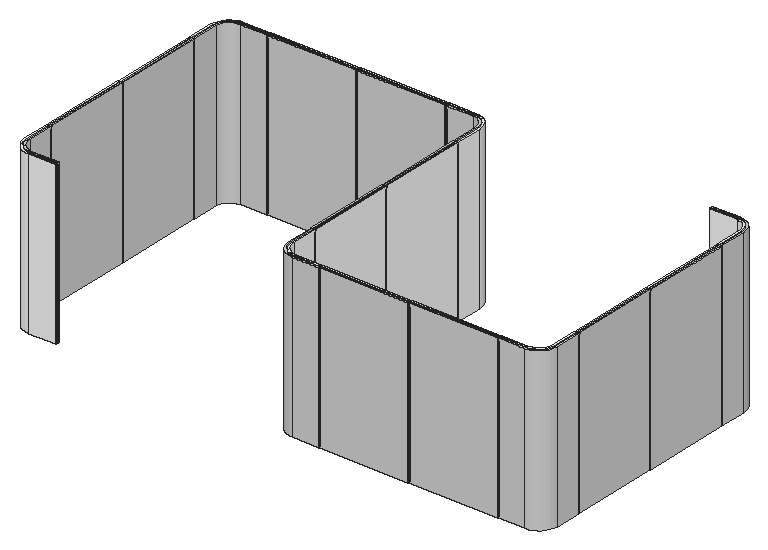
Revit family "NBS_Senator_MeetingPods_TeamSpacePlus_PDTSP18", category Furniture, Revit 2018
Family settings
  Work Plane-Based = No
  Always vertical = Yes
  Cut with Voids When Loaded = No
  Shared = No
  Room Calculation Point = No
Parameters (values of type "PDTSP18")
  WarrantyStartDate [instance] = "1900-12-31T23:59:59"
  WarrantyGuarantorParts = "contactus@thesenatorgroup.com"
  WarrantyGuarantorLabor = "n/a"
  WarrantyDurationUnit = "year"
  WarrantyDurationParts = "10"
  WarrantyDurationLabor = "n/a"
  WarrantyDescription = "Senator warrants that its manufactured products are free from manufacturing defects - in materials or workmanship - for a period of ten (10) years on Senator Seating ranges; and fifteen (15) years on Senator Desking ranges - exceptions are listed below. Senator will repair or replace (at Senator’s sole discretion) with comparable free of charge materials / components, any product / component, which fails under normal use in a single shift environment, as a result of a defect in the materials and / or workmanship"
  Version = "1"  # constant formula
  Uniclass2015Version = "Products v1.16"
  Uniclass2015Title = "Pr_40_50_12_53"
  Uniclass2015Code = "Meeting pods"
  TagNumber [instance] = "n/a"
  SustainabilityPerformance = "99% recyclable"
  Style = "Pods"
  Status = "UNSET"
  Size = "3000 x 1800 x 5950 mm"
  Shape = "n/a"
  SerialNumber [instance] = "n/a"
  SeatWidth = "n/a"
  SeatDepth = "n/a"
  Revision = "n/a"
  ReplacementCost = "n/a"
  Reference = "n/a"
  ProductInformation = "n/a"
  PodWidth = 5950 mm  # constant formula
  PodHeight = 1800 mm  # constant formula
  PodDepth = 3000 mm  # constant formula
  PanelWidth = 50 mm  # constant formula
  WallPanelBMaterial = NBS_Senator_White
  WallPanelAMaterial = NBS_Senator_StAndrews
  NominalWidth = 5950 mm
  NominalLength = 5950 mm
  NominalHeight = 1800 mm
  NominalDepth = 3000 mm
  Name = "MeetingPods_TeamSpace_PDTSP18_Senator"
  NBSReference = "45-35-20/342"
  NBSDescription = "Meeting pods"
  NBSCertification = "www.nationalbimlibrary.com/cert/gjmvj5ft"
  ModelReference = "Pods-TeamSpacePlus_PDTSP18"
  ModelNumber = "PDTSP18"
  Material = "Fabric, metal, plastic"
  ManufacturerURL = "www.senator.co.uk"
  ManufacturerName = "The Senator Group"
  Manufacturer = "sales@senator.co.uk"  # constant formula
  MainColor = "n/a"
  IsBuiltIn = no
  InstallationDate [instance] = "1900-12-31T23:59:59"
  MiddlePanelMaterial = NBS_Senator_White
  IfcExportType = "USERDEFINED"  # constant formula
  IfcExportAs = "IfcFurnitureType"  # constant formula
  Grade = "n/a"
  FramesColour = "Black, white"
  FinishOptions = "Carini walnut, mocha, autumn, strata oak, maple, highland oak, beech, winter oak, hacienda white, white, light grey, denim, clay, lemon sorbet"
  Finish = "Outer vertical panels upholstered in camira, blazer fabric Two tone is standard"
  Features = "Internal frame with multi-layered acoustic foam, levelling adjusters, blazer fabric, outer vertical panels"
  FabricFinishOptions = "Plymouth, fairfield, latymer, lancaster, silcoates, silverdale, st andrews, trevelyan, ulster, wellington, wesley, manchester,"
  ExpectedLife = "10"
  DurationUnit = "year"
  Description = "Large meeting space optimises interior space"
  Constituents = "n/a"
  Color = "n/a"
  CodePerformance = "n/a"
  Category = "Pr_40_50_12_53: Meeting pods"
  BarCode [instance] = "n/a"
  BIMObjectName = "NBS_Senator_MeetingPods_TeamSpacePlus_PDTSP18"
  Author = "NBS"  # constant formula
  AssetType = "Fixed"
  AssetIdentifier [instance] = "n/a"
  Accessories = "Monitor arms, PU desk accessories, desk top accessories, CPU holders, electrical accessories, coat hanger, name plate, A2 dry wipe board with hanger, A3 dry wipe board with hanger"
  AccessibilityPerformance = "n/a"
Reference planes
  plane 1 "Center (Front/Back)": y = 0
  plane 2 "Bottom": z = 0
  plane 3 "Center (Left/Right)": x = 0
  plane 4 "Back": y = 1500
  plane 5 "Front": y = -1500
  plane 6 "Right": x = 2975
  plane 7 "Left": x = -2975
  plane 8: y = -1450
  plane 9: y = 1450
  plane 10: x = -2925
  plane 11: x = 2925
  plane 12: x = 25
  plane 13: x = -25
  plane 14: x = -2470.546
  plane 15: x = -2955
  plane 16: x = -2945
  plane 17 "Top": z = 1800
  plane 18: y = -1480
  plane 19: y = -1470
  plane 20: x = -5
  plane 21: x = 5
  plane 22: x = 2945
  plane 23: x = 2955
  plane 24: y = 1480
  plane 25: y = 1470
  plane 26: x = -2494.826
  plane 27: x = -2469.754
  plane 28: x = -2468.754
  plane 29: x = -1472.454
  plane 30: x = -1471.454
  plane 31: x = -475.154
  plane 32: x = -474.154
  plane 33: x = -449.082
  plane 34: y = 1023.665
  plane 35: y = 998.593
  plane 36: y = 997.593
  plane 37: y = 1.293
  plane 38: y = 0.293
  plane 39: y = -996.007
  plane 40: y = -997.007
  plane 41: y = -1022.08
  plane 42: y = 1022.872
  plane 43: y = 997.8
  plane 44: y = 996.8
  plane 45: y = 0.5
  plane 46: y = -0.5
  plane 47: y = -996.8
  plane 48: y = -997.8
  plane 49: y = -1022.872
  plane 50: x = 449.082
  plane 51: x = 474.154
  plane 52: x = 475.154
  plane 53: x = 1471.454
  plane 54: x = 1472.454
  plane 55: x = 2468.754
  plane 56: x = 2469.754
  plane 57: x = 2494.826
  plane 58: y = -1023.665
  plane 59: y = -998.593
  plane 60: y = -997.593
  plane 61: y = -1.293
  plane 62: y = -0.293
  plane 63: y = 996.007
  plane 64: y = 997.007
  plane 65: y = 1022.08
  plane 66: x = 2470.546
Forms (mm)
  Extrusion 1, solid, material "NBS_Senator_White" <- "MiddlePanelMaterial", detail levels medium+fine
    sketch origin (0, 0, 0) x (1, 0, 0) y (0, 1, 0)
      loop
        line (-2955, -1022.08) -> (-2945, -1022.08) -> (-2945, 1023.665) -> (-2955, 1023.665) -> (-2955, -1022.08)
      loop
        line (-2494.826, 1480) -> (-2494.826, 1470) -> (-449.082, 1470) -> (-449.082, 1480) -> (-2494.826, 1480)
      loop
        line (-5, 1022.872) -> (-5, -1022.872) -> (5, -1022.872) -> (5, 1022.872) -> (-5, 1022.872)
      loop
        line (449.082, -1470) -> (449.082, -1480) -> (2494.826, -1480) -> (2494.826, -1470) -> (449.082, -1470)
      loop
        line (2955, -1023.665) -> (2955, 1022.08) -> (2945, 1022.08) -> (2945, -1023.665) -> (2955, -1023.665)
    from 0 to 1800
  Extrusion 2, solid, material "NBS_Senator_White" <- "WallPanelBMaterial", detail levels medium+fine
    sketch origin (0, 0, 0) x (1, 0, 0) y (0, 1, 0)
      loop
        line (-2475.546, -1480) -> (-2775, -1480)
        arc (-2775, -1480) -> (-2902.279, -1427.279) -> (-2955, -1300) r 180
        line (-2955, -1300) -> (-2955, -1002.007)
        arc (-2955, -1002.007) -> (-2956.464, -998.471) -> (-2960, -997.007) r 5
        line (-2960, -997.007) -> (-2970, -997.007)
        arc (-2970, -997.007) -> (-2973.536, -998.471) -> (-2975, -1002.007) r 5
        line (-2975, -1002.007) -> (-2975, -1298)
        arc (-2975, -1298) -> (-2915.836, -1440.836) -> (-2773, -1500) r 202
        line (-2773, -1500) -> (-2475.546, -1500)
        arc (-2475.546, -1500) -> (-2472.011, -1498.536) -> (-2470.546, -1495) r 5
        line (-2470.546, -1495) -> (-2470.546, -1485)
        arc (-2470.546, -1485) -> (-2472.011, -1481.464) -> (-2475.546, -1480) r 5
      loop
        arc (-2970, 0.293) -> (-2973.536, -1.172) -> (-2975, -4.707) r 5
        line (-2975, -4.707) -> (-2975, -991.007)
        arc (-2975, -991.007) -> (-2973.536, -994.542) -> (-2970, -996.007) r 5
        line (-2970, -996.007) -> (-2960, -996.007)
        arc (-2960, -996.007) -> (-2956.464, -994.542) -> (-2955, -991.007) r 5
        line (-2955, -991.007) -> (-2955, -4.707)
        arc (-2955, -4.707) -> (-2956.464, -1.172) -> (-2960, 0.293) r 5
        line (-2960, 0.293) -> (-2970, 0.293)
      loop
        line (-2970, 1.293) -> (-2960, 1.293)
        arc (-2960, 1.293) -> (-2956.464, 2.757) -> (-2955, 6.293) r 5
        line (-2955, 6.293) -> (-2955, 992.593)
        arc (-2955, 992.593) -> (-2956.464, 996.128) -> (-2960, 997.593) r 5
        line (-2960, 997.593) -> (-2970, 997.593)
        arc (-2970, 997.593) -> (-2973.536, 996.128) -> (-2975, 992.593) r 5
        line (-2975, 992.593) -> (-2975, 6.293)
        arc (-2975, 6.293) -> (-2973.536, 2.757) -> (-2970, 1.293) r 5
      loop
        line (-2970, 998.593) -> (-2960, 998.593)
        arc (-2960, 998.593) -> (-2956.464, 1000.057) -> (-2955, 1003.593) r 5
        line (-2955, 1003.593) -> (-2955, 1300)
        arc (-2955, 1300) -> (-2902.279, 1427.279) -> (-2775, 1480) r 180
        line (-2775, 1480) -> (-2474.754, 1480)
        arc (-2474.754, 1480) -> (-2471.218, 1481.464) -> (-2469.754, 1485) r 5
        line (-2469.754, 1485) -> (-2469.754, 1495)
        arc (-2469.754, 1495) -> (-2471.218, 1498.536) -> (-2474.754, 1500) r 5
        line (-2474.754, 1500) -> (-2773, 1500)
        arc (-2773, 1500) -> (-2915.836, 1440.836) -> (-2975, 1298) r 202
        line (-2975, 1298) -> (-2975, 1003.593)
        arc (-2975, 1003.593) -> (-2973.536, 1000.057) -> (-2970, 998.593) r 5
      loop
        arc (-2463.754, 1500) -> (-2467.289, 1498.536) -> (-2468.754, 1495) r 5
        line (-2468.754, 1495) -> (-2468.754, 1485)
        arc (-2468.754, 1485) -> (-2467.289, 1481.464) -> (-2463.754, 1480) r 5
        line (-2463.754, 1480) -> (-1477.454, 1480)
        arc (-1477.454, 1480) -> (-1473.918, 1481.464) -> (-1472.454, 1485) r 5
        line (-1472.454, 1485) -> (-1472.454, 1495)
        arc (-1472.454, 1495) -> (-1473.918, 1498.536) -> (-1477.454, 1500) r 5
        line (-1477.454, 1500) -> (-2463.754, 1500)
      loop
        arc (-1466.454, 1500) -> (-1469.989, 1498.536) -> (-1471.454, 1495) r 5
        line (-1471.454, 1495) -> (-1471.454, 1485)
        arc (-1471.454, 1485) -> (-1469.989, 1481.464) -> (-1466.454, 1480) r 5
        line (-1466.454, 1480) -> (-480.154, 1480)
        arc (-480.154, 1480) -> (-476.619, 1481.464) -> (-475.154, 1485) r 5
        line (-475.154, 1485) -> (-475.154, 1495)
        arc (-475.154, 1495) -> (-476.619, 1498.536) -> (-480.154, 1500) r 5
        line (-480.154, 1500) -> (-1466.454, 1500)
      loop
        arc (-469.154, 1500) -> (-472.69, 1498.536) -> (-474.154, 1495) r 5
        line (-474.154, 1495) -> (-474.154, 1485)
        arc (-474.154, 1485) -> (-472.69, 1481.464) -> (-469.154, 1480) r 5
        line (-469.154, 1480) -> (-175, 1480)
        arc (-175, 1480) -> (-47.721, 1427.279) -> (5, 1300) r 180
        line (5, 1300) -> (5, 1002.8)
        arc (5, 1002.8) -> (6.464, 999.264) -> (10, 997.8) r 5
        line (10, 997.8) -> (20, 997.8)
        arc (20, 997.8) -> (23.536, 999.264) -> (25, 1002.8) r 5
        line (25, 1002.8) -> (25, 1298)
        arc (25, 1298) -> (-34.164, 1440.836) -> (-177, 1500) r 202
        line (-177, 1500) -> (-469.154, 1500)
      loop
        arc (10, 996.8) -> (6.464, 995.335) -> (5, 991.8) r 5
        line (5, 991.8) -> (5, 5.5)
        arc (5, 5.5) -> (6.464, 1.964) -> (10, 0.5) r 5
        line (10, 0.5) -> (20, 0.5)
        arc (20, 0.5) -> (23.536, 1.964) -> (25, 5.5) r 5
        line (25, 5.5) -> (25, 991.8)
        arc (25, 991.8) -> (23.536, 995.335) -> (20, 996.8) r 5
        line (20, 996.8) -> (10, 996.8)
      loop
        arc (10, -0.5) -> (6.464, -1.964) -> (5, -5.5) r 5
        line (5, -5.5) -> (5, -991.8)
        arc (5, -991.8) -> (6.464, -995.335) -> (10, -996.8) r 5
        line (10, -996.8) -> (20, -996.8)
        arc (20, -996.8) -> (23.536, -995.335) -> (25, -991.8) r 5
        line (25, -991.8) -> (25, -5.5)
        arc (25, -5.5) -> (23.536, -1.964) -> (20, -0.5) r 5
        line (20, -0.5) -> (10, -0.5)
      loop
        arc (10, -997.8) -> (6.464, -999.264) -> (5, -1002.8) r 5
        line (5, -1002.8) -> (5, -1305)
        arc (5, -1305) -> (53.327, -1421.673) -> (170, -1470) r 165
        line (170, -1470) -> (469.154, -1470)
        arc (469.154, -1470) -> (472.69, -1468.536) -> (474.154, -1465) r 5
        line (474.154, -1465) -> (474.154, -1455)
        arc (474.154, -1455) -> (472.69, -1451.464) -> (469.154, -1450) r 5
        line (469.154, -1450) -> (175, -1450)
        arc (175, -1450) -> (68.934, -1406.066) -> (25, -1300) r 150
        line (25, -1300) -> (25, -1002.8)
        arc (25, -1002.8) -> (23.536, -999.264) -> (20, -997.8) r 5
        line (20, -997.8) -> (10, -997.8)
      loop
        arc (480.154, -1450) -> (476.619, -1451.464) -> (475.154, -1455) r 5
        line (475.154, -1455) -> (475.154, -1465)
        arc (475.154, -1465) -> (476.619, -1468.536) -> (480.154, -1470) r 5
        line (480.154, -1470) -> (1466.454, -1470)
        arc (1466.454, -1470) -> (1469.99, -1468.536) -> (1471.454, -1465) r 5
        line (1471.454, -1465) -> (1471.454, -1455)
        arc (1471.454, -1455) -> (1469.99, -1451.464) -> (1466.454, -1450) r 5
        line (1466.454, -1450) -> (480.154, -1450)
      loop
        arc (1477.454, -1450) -> (1473.919, -1451.464) -> (1472.454, -1455) r 5
        line (1472.454, -1455) -> (1472.454, -1465)
        arc (1472.454, -1465) -> (1473.919, -1468.536) -> (1477.454, -1470) r 5
        line (1477.454, -1470) -> (2463.754, -1470)
        arc (2463.754, -1470) -> (2467.289, -1468.536) -> (2468.754, -1465) r 5
        line (2468.754, -1465) -> (2468.754, -1455)
        arc (2468.754, -1455) -> (2467.289, -1451.464) -> (2463.754, -1450) r 5
        line (2463.754, -1450) -> (1477.454, -1450)
      loop
        arc (2474.754, -1450) -> (2471.218, -1451.464) -> (2469.754, -1455) r 5
        line (2469.754, -1455) -> (2469.754, -1465)
        arc (2469.754, -1465) -> (2471.218, -1468.536) -> (2474.754, -1470) r 5
        line (2474.754, -1470) -> (2780, -1470)
        arc (2780, -1470) -> (2896.673, -1421.673) -> (2945, -1305) r 165
        line (2945, -1305) -> (2945, -1003.593)
        arc (2945, -1003.593) -> (2943.536, -1000.057) -> (2940, -998.593) r 5
        line (2940, -998.593) -> (2930, -998.593)
        arc (2930, -998.593) -> (2926.464, -1000.057) -> (2925, -1003.593) r 5
        line (2925, -1003.593) -> (2925, -1300)
        arc (2925, -1300) -> (2881.066, -1406.066) -> (2775, -1450) r 150
        line (2775, -1450) -> (2474.754, -1450)
      loop
        arc (2930, -1.293) -> (2926.464, -2.757) -> (2925, -6.293) r 5
        line (2925, -6.293) -> (2925, -992.593)
        arc (2925, -992.593) -> (2926.464, -996.128) -> (2930, -997.593) r 5
        line (2930, -997.593) -> (2940, -997.593)
        arc (2940, -997.593) -> (2943.536, -996.128) -> (2945, -992.593) r 5
        line (2945, -992.593) -> (2945, -6.293)
        arc (2945, -6.293) -> (2943.536, -2.757) -> (2940, -1.293) r 5
        line (2940, -1.293) -> (2930, -1.293)
      loop
        arc (2930, 996.007) -> (2926.464, 994.542) -> (2925, 991.007) r 5
        line (2925, 991.007) -> (2925, 4.707)
        arc (2925, 4.707) -> (2926.464, 1.172) -> (2930, -0.293) r 5
        line (2930, -0.293) -> (2940, -0.293)
        arc (2940, -0.293) -> (2943.536, 1.172) -> (2945, 4.707) r 5
        line (2945, 4.707) -> (2945, 991.007)
        arc (2945, 991.007) -> (2943.536, 994.542) -> (2940, 996.007) r 5
        line (2940, 996.007) -> (2930, 996.007)
      loop
        arc (2475.546, 1470) -> (2472.011, 1468.536) -> (2470.546, 1465) r 5
        line (2470.546, 1465) -> (2470.546, 1455)
        arc (2470.546, 1455) -> (2472.011, 1451.464) -> (2475.546, 1450) r 5
        line (2475.546, 1450) -> (2775, 1450)
        arc (2775, 1450) -> (2881.066, 1406.066) -> (2925, 1300) r 150
        line (2925, 1300) -> (2925, 1002.007)
        arc (2925, 1002.007) -> (2926.464, 998.471) -> (2930, 997.007) r 5
        line (2930, 997.007) -> (2940, 997.007)
        arc (2940, 997.007) -> (2943.536, 998.471) -> (2945, 1002.007) r 5
        line (2945, 1002.007) -> (2945, 1305)
        arc (2945, 1305) -> (2896.673, 1421.673) -> (2780, 1470) r 165
        line (2780, 1470) -> (2475.546, 1470)
    from 0 to 1800
  Extrusion 3, solid, material "NBS_Senator_StAndrews" <- "WallPanelAMaterial", detail levels medium+fine
    sketch origin (0, 0, 0) x (1, 0, 0) y (0, 1, 0)
      loop
        arc (-2475.546, -1470) -> (-2472.011, -1468.536) -> (-2470.546, -1465) r 5
        line (-2470.546, -1465) -> (-2470.546, -1455)
        arc (-2470.546, -1455) -> (-2472.011, -1451.464) -> (-2475.546, -1450) r 5
        line (-2475.546, -1450) -> (-2775, -1450)
        arc (-2775, -1450) -> (-2881.066, -1406.066) -> (-2925, -1300) r 150
        line (-2925, -1300) -> (-2925, -1002.007)
        arc (-2925, -1002.007) -> (-2926.464, -998.471) -> (-2930, -997.007) r 5
        line (-2930, -997.007) -> (-2940, -997.007)
        arc (-2940, -997.007) -> (-2943.536, -998.471) -> (-2945, -1002.007) r 5
        line (-2945, -1002.007) -> (-2945, -1305)
        arc (-2945, -1305) -> (-2896.673, -1421.673) -> (-2780, -1470) r 165
        line (-2780, -1470) -> (-2475.546, -1470)
      loop
        arc (-2930, -996.007) -> (-2926.464, -994.542) -> (-2925, -991.007) r 5
        line (-2925, -991.007) -> (-2925, -4.707)
        arc (-2925, -4.707) -> (-2926.464, -1.172) -> (-2930, 0.293) r 5
        line (-2930, 0.293) -> (-2940, 0.293)
        arc (-2940, 0.293) -> (-2943.536, -1.172) -> (-2945, -4.707) r 5
        line (-2945, -4.707) -> (-2945, -991.007)
        arc (-2945, -991.007) -> (-2943.536, -994.542) -> (-2940, -996.007) r 5
        line (-2940, -996.007) -> (-2930, -996.007)
      loop
        arc (-2930, 1.293) -> (-2926.464, 2.757) -> (-2925, 6.293) r 5
        line (-2925, 6.293) -> (-2925, 992.593)
        arc (-2925, 992.593) -> (-2926.464, 996.128) -> (-2930, 997.593) r 5
        line (-2930, 997.593) -> (-2940, 997.593)
        arc (-2940, 997.593) -> (-2943.536, 996.128) -> (-2945, 992.593) r 5
        line (-2945, 992.593) -> (-2945, 6.293)
        arc (-2945, 6.293) -> (-2943.536, 2.757) -> (-2940, 1.293) r 5
        line (-2940, 1.293) -> (-2930, 1.293)
      loop
        line (-2940, 998.593) -> (-2930, 998.593)
        arc (-2930, 998.593) -> (-2926.464, 1000.057) -> (-2925, 1003.593) r 5
        line (-2925, 1003.593) -> (-2925, 1300)
        arc (-2925, 1300) -> (-2881.066, 1406.066) -> (-2775, 1450) r 150
        line (-2775, 1450) -> (-2474.754, 1450)
        arc (-2474.754, 1450) -> (-2471.218, 1451.464) -> (-2469.754, 1455) r 5
        line (-2469.754, 1455) -> (-2469.754, 1465)
        arc (-2469.754, 1465) -> (-2471.218, 1468.536) -> (-2474.754, 1470) r 5
        line (-2474.754, 1470) -> (-2780, 1470)
        arc (-2780, 1470) -> (-2896.673, 1421.673) -> (-2945, 1305) r 165
        line (-2945, 1305) -> (-2945, 1003.593)
        arc (-2945, 1003.593) -> (-2943.536, 1000.057) -> (-2940, 998.593) r 5
      loop
        arc (-2463.754, 1470) -> (-2467.289, 1468.536) -> (-2468.754, 1465) r 5
        line (-2468.754, 1465) -> (-2468.754, 1455)
        arc (-2468.754, 1455) -> (-2467.289, 1451.464) -> (-2463.754, 1450) r 5
        line (-2463.754, 1450) -> (-1477.454, 1450)
        arc (-1477.454, 1450) -> (-1473.918, 1451.464) -> (-1472.454, 1455) r 5
        line (-1472.454, 1455) -> (-1472.454, 1465)
        arc (-1472.454, 1465) -> (-1473.918, 1468.536) -> (-1477.454, 1470) r 5
        line (-1477.454, 1470) -> (-2463.754, 1470)
      loop
        arc (-1466.454, 1470) -> (-1469.989, 1468.536) -> (-1471.454, 1465) r 5
        line (-1471.454, 1465) -> (-1471.454, 1455)
        arc (-1471.454, 1455) -> (-1469.989, 1451.464) -> (-1466.454, 1450) r 5
        line (-1466.454, 1450) -> (-480.154, 1450)
        arc (-480.154, 1450) -> (-476.619, 1451.464) -> (-475.154, 1455) r 5
        line (-475.154, 1455) -> (-475.154, 1465)
        arc (-475.154, 1465) -> (-476.619, 1468.536) -> (-480.154, 1470) r 5
        line (-480.154, 1470) -> (-1466.454, 1470)
      loop
        arc (-469.154, 1470) -> (-472.69, 1468.536) -> (-474.154, 1465) r 5
        line (-474.154, 1465) -> (-474.154, 1455)
        arc (-474.154, 1455) -> (-472.69, 1451.464) -> (-469.154, 1450) r 5
        line (-469.154, 1450) -> (-175, 1450)
        arc (-175, 1450) -> (-68.934, 1406.066) -> (-25, 1300) r 150
        line (-25, 1300) -> (-25, 1002.8)
        arc (-25, 1002.8) -> (-23.536, 999.264) -> (-20, 997.8) r 5
        line (-20, 997.8) -> (-10, 997.8)
        arc (-10, 997.8) -> (-6.464, 999.264) -> (-5, 1002.8) r 5
        line (-5, 1002.8) -> (-5, 1305)
        arc (-5, 1305) -> (-53.327, 1421.673) -> (-170, 1470) r 165
        line (-170, 1470) -> (-469.154, 1470)
      loop
        arc (-20, 996.8) -> (-23.536, 995.335) -> (-25, 991.8) r 5
        line (-25, 991.8) -> (-25, 5.5)
        arc (-25, 5.5) -> (-23.536, 1.964) -> (-20, 0.5) r 5
        line (-20, 0.5) -> (-10, 0.5)
        arc (-10, 0.5) -> (-6.464, 1.964) -> (-5, 5.5) r 5
        line (-5, 5.5) -> (-5, 991.8)
        arc (-5, 991.8) -> (-6.464, 995.335) -> (-10, 996.8) r 5
        line (-10, 996.8) -> (-20, 996.8)
      loop
        arc (-20, -0.5) -> (-23.536, -1.964) -> (-25, -5.5) r 5
        line (-25, -5.5) -> (-25, -991.8)
        arc (-25, -991.8) -> (-23.536, -995.335) -> (-20, -996.8) r 5
        line (-20, -996.8) -> (-10, -996.8)
        arc (-10, -996.8) -> (-6.464, -995.335) -> (-5, -991.8) r 5
        line (-5, -991.8) -> (-5, -5.5)
        arc (-5, -5.5) -> (-6.464, -1.964) -> (-10, -0.5) r 5
        line (-10, -0.5) -> (-20, -0.5)
      loop
        arc (-20, -997.8) -> (-23.536, -999.264) -> (-25, -1002.8) r 5
        line (-25, -1002.8) -> (-25, -1298)
        arc (-25, -1298) -> (34.164, -1440.836) -> (177, -1500) r 202
        line (177, -1500) -> (469.154, -1500)
        arc (469.154, -1500) -> (472.69, -1498.536) -> (474.154, -1495) r 5
        line (474.154, -1495) -> (474.154, -1485)
        arc (474.154, -1485) -> (472.69, -1481.464) -> (469.154, -1480) r 5
        line (469.154, -1480) -> (175, -1480)
        arc (175, -1480) -> (47.721, -1427.279) -> (-5, -1300) r 180
        line (-5, -1300) -> (-5, -1002.8)
        arc (-5, -1002.8) -> (-6.464, -999.264) -> (-10, -997.8) r 5
        line (-10, -997.8) -> (-20, -997.8)
      loop
        arc (480.154, -1480) -> (476.619, -1481.464) -> (475.154, -1485) r 5
        line (475.154, -1485) -> (475.154, -1495)
        arc (475.154, -1495) -> (476.619, -1498.536) -> (480.154, -1500) r 5
        line (480.154, -1500) -> (1466.454, -1500)
        arc (1466.454, -1500) -> (1469.99, -1498.536) -> (1471.454, -1495) r 5
        line (1471.454, -1495) -> (1471.454, -1485)
        arc (1471.454, -1485) -> (1469.99, -1481.464) -> (1466.454, -1480) r 5
        line (1466.454, -1480) -> (480.154, -1480)
      loop
        arc (1477.454, -1480) -> (1473.919, -1481.464) -> (1472.454, -1485) r 5
        line (1472.454, -1485) -> (1472.454, -1495)
        arc (1472.454, -1495) -> (1473.919, -1498.536) -> (1477.454, -1500) r 5
        line (1477.454, -1500) -> (2463.754, -1500)
        arc (2463.754, -1500) -> (2467.289, -1498.536) -> (2468.754, -1495) r 5
        line (2468.754, -1495) -> (2468.754, -1485)
        arc (2468.754, -1485) -> (2467.289, -1481.464) -> (2463.754, -1480) r 5
        line (2463.754, -1480) -> (1477.454, -1480)
      loop
        arc (2474.754, -1480) -> (2471.218, -1481.464) -> (2469.754, -1485) r 5
        line (2469.754, -1485) -> (2469.754, -1495)
        arc (2469.754, -1495) -> (2471.218, -1498.536) -> (2474.754, -1500) r 5
        line (2474.754, -1500) -> (2773, -1500)
        arc (2773, -1500) -> (2915.836, -1440.836) -> (2975, -1298) r 202
        line (2975, -1298) -> (2975, -1003.593)
        arc (2975, -1003.593) -> (2973.536, -1000.057) -> (2970, -998.593) r 5
        line (2970, -998.593) -> (2960, -998.593)
        arc (2960, -998.593) -> (2956.464, -1000.057) -> (2955, -1003.593) r 5
        line (2955, -1003.593) -> (2955, -1300)
        arc (2955, -1300) -> (2902.279, -1427.279) -> (2775, -1480) r 180
        line (2775, -1480) -> (2474.754, -1480)
      loop
        arc (2960, -1.293) -> (2956.464, -2.757) -> (2955, -6.293) r 5
        line (2955, -6.293) -> (2955, -992.593)
        arc (2955, -992.593) -> (2956.464, -996.128) -> (2960, -997.593) r 5
        line (2960, -997.593) -> (2970, -997.593)
        arc (2970, -997.593) -> (2973.536, -996.128) -> (2975, -992.593) r 5
        line (2975, -992.593) -> (2975, -6.293)
        arc (2975, -6.293) -> (2973.536, -2.757) -> (2970, -1.293) r 5
        line (2970, -1.293) -> (2960, -1.293)
      loop
        arc (2960, 996.007) -> (2956.464, 994.542) -> (2955, 991.007) r 5
        line (2955, 991.007) -> (2955, 4.707)
        arc (2955, 4.707) -> (2956.464, 1.172) -> (2960, -0.293) r 5
        line (2960, -0.293) -> (2970, -0.293)
        arc (2970, -0.293) -> (2973.536, 1.172) -> (2975, 4.707) r 5
        line (2975, 4.707) -> (2975, 991.007)
        arc (2975, 991.007) -> (2973.536, 994.542) -> (2970, 996.007) r 5
        line (2970, 996.007) -> (2960, 996.007)
      loop
        line (2960, 997.007) -> (2970, 997.007)
        arc (2970, 997.007) -> (2973.536, 998.471) -> (2975, 1002.007) r 5
        line (2975, 1002.007) -> (2975, 1298)
        arc (2975, 1298) -> (2915.836, 1440.836) -> (2773, 1500) r 202
        line (2773, 1500) -> (2475.546, 1500)
        arc (2475.546, 1500) -> (2472.011, 1498.536) -> (2470.546, 1495) r 5
        line (2470.546, 1495) -> (2470.546, 1485)
        arc (2470.546, 1485) -> (2472.011, 1481.464) -> (2475.546, 1480) r 5
        line (2475.546, 1480) -> (2775, 1480)
        arc (2775, 1480) -> (2902.279, 1427.279) -> (2955, 1300) r 180
        line (2955, 1300) -> (2955, 1002.007)
        arc (2955, 1002.007) -> (2956.464, 998.471) -> (2960, 997.007) r 5
    from 0 to 1800
  Extrusion 4, solid, material "NBS_Senator_StAndrews" <- "WallPanelAMaterial", detail levels coarse
    sketch origin (0, 0, 0) x (1, 0, 0) y (0, 1, 0)
      loop
        line (-2470.546, -1450) -> (-2775, -1450)
        arc (-2775, -1450) -> (-2881.066, -1406.066) -> (-2925, -1300) r 150
        line (-2925, -1300) -> (-2925, 1300)
        arc (-2925, 1300) -> (-2881.066, 1406.066) -> (-2775, 1450) r 150
        line (-2775, 1450) -> (-175, 1450)
        arc (-175, 1450) -> (-68.934, 1406.066) -> (-25, 1300) r 150
        line (-25, 1300) -> (-25, -1298)
        arc (-25, -1298) -> (34.164, -1440.836) -> (177, -1500) r 202
        line (177, -1500) -> (2773, -1500)
        arc (2773, -1500) -> (2915.836, -1440.836) -> (2975, -1298) r 202
        line (2975, -1298) -> (2975, 1298)
        arc (2975, 1298) -> (2915.836, 1440.836) -> (2773, 1500) r 202
        line (2773, 1500) -> (2470.546, 1500) -> (2470.546, 1450) -> (2775, 1450)
        arc (2775, 1450) -> (2881.066, 1406.066) -> (2925, 1300) r 150
        line (2925, 1300) -> (2925, -1300)
        arc (2925, -1300) -> (2881.066, -1406.066) -> (2775, -1450) r 150
        line (2775, -1450) -> (175, -1450)
        arc (175, -1450) -> (68.934, -1406.066) -> (25, -1300) r 150
        line (25, -1300) -> (25, 1298)
        arc (25, 1298) -> (-34.164, 1440.836) -> (-177, 1500) r 202
        line (-177, 1500) -> (-2773, 1500)
        arc (-2773, 1500) -> (-2915.836, 1440.836) -> (-2975, 1298) r 202
        line (-2975, 1298) -> (-2975, -1298)
        arc (-2975, -1298) -> (-2915.836, -1440.836) -> (-2773, -1500) r 202
        line (-2773, -1500) -> (-2470.546, -1500) -> (-2470.546, -1450)
    from 0 to 1800
Dimensions and locks
  "PodDepth": plane 5 "Front" to plane 4 "Back"
  "PodWidth": plane 7 "Left" to plane 6 "Right"
  "PanelWidth": plane 7 "Left" to plane 10
  "PanelWidth": plane 13 to plane 12
  "PanelWidth": plane 11 to plane 6 "Right"
  "PanelWidth": plane 9 to plane 4 "Back"
  "PanelWidth": plane 5 "Front" to plane 8
  "PodHeight": plane 17 "Top" to plane 2 "Bottom"
  aligned and locked: level to plane 2 "Bottom"
  aligned and locked: Extrusion 1 sketch curve to plane 65
  aligned and locked: Extrusion 1 sketch curve to plane 23
  aligned and locked: plane 22 to Extrusion 1 sketch curve
  aligned and locked: plane 58 to Extrusion 1 sketch curve
  aligned and locked: plane 57 to Extrusion 1 sketch curve
  aligned and locked: plane 19 to Extrusion 1 sketch curve
  aligned and locked: Extrusion 1 sketch curve to plane 18
  aligned and locked: Extrusion 1 sketch curve to plane 50
  aligned and locked: plane 49 to Extrusion 1 sketch curve
  aligned and locked: Extrusion 1 sketch curve to plane 21
  aligned and locked: plane 20 to Extrusion 1 sketch curve
  aligned and locked: Extrusion 1 sketch curve to plane 42
  aligned and locked: Extrusion 1 sketch curve to plane 33
  aligned and locked: Extrusion 1 sketch curve to plane 25
  aligned and locked: plane 24 to Extrusion 1 sketch curve
  aligned and locked: Extrusion 1 sketch curve to plane 26
  aligned and locked: plane 34 to Extrusion 1 sketch curve
  aligned and locked: plane 16 to Extrusion 1 sketch curve
  aligned and locked: Extrusion 1 sketch curve to plane 15
  aligned and locked: Extrusion 1 sketch curve to plane 41
  aligned and locked: Extrusion 1 to plane 2 "Bottom"
  aligned and locked: plane 17 "Top" to Extrusion 1
  aligned and locked: plane 7 "Left" to Extrusion 2 sketch curve
  aligned and locked: Extrusion 2 sketch curve to plane 40
  aligned and locked: Extrusion 1 to Extrusion 2 sketch curve  (x2)
  aligned and locked: plane 5 "Front" to Extrusion 2 sketch curve
  aligned and locked: Extrusion 2 sketch curve to plane 18
  aligned and locked: Extrusion 2 sketch curve to plane 14
  aligned and locked: Extrusion 2 to plane 2 "Bottom"
  aligned and locked: plane 17 "Top" to Extrusion 2
  aligned and locked: Extrusion 2 sketch curve to plane 38
  aligned and locked: plane 39 to Extrusion 2 sketch curve
  aligned and locked: plane 36 to Extrusion 2 sketch curve
  aligned and locked: Extrusion 2 sketch curve to plane 7 "Left"  (x2)
  aligned and locked: Extrusion 2 sketch curve to Extrusion 1
  aligned and locked: Extrusion 2 sketch curve to plane 37
  aligned and locked: Extrusion 2 sketch curve to plane 35
  aligned and locked: plane 15 to Extrusion 2 sketch curve
  aligned and locked: Extrusion 2 sketch curve to plane 4 "Back"
  aligned and locked: plane 24 to Extrusion 2 sketch curve
  aligned and locked: Extrusion 2 sketch curve to plane 27
  aligned and locked: plane 4 "Back" to Extrusion 2 sketch curve  (x3)
  aligned and locked: Extrusion 2 sketch curve to plane 28
  aligned and locked: Extrusion 2 sketch curve to plane 24  (x3)
  aligned and locked: plane 29 to Extrusion 2 sketch curve
  aligned and locked: Extrusion 2 sketch curve to plane 30
  aligned and locked: plane 31 to Extrusion 2 sketch curve
  aligned and locked: Extrusion 2 sketch curve to plane 32
  aligned and locked: Extrusion 2 sketch curve to plane 12  (x4)
  aligned and locked: plane 21 to Extrusion 2 sketch curve  (x4)
  aligned and locked: plane 43 to Extrusion 2 sketch curve
  aligned and locked: plane 45 to Extrusion 2 sketch curve
  aligned and locked: Extrusion 2 sketch curve to plane 44
  aligned and locked: Extrusion 2 sketch curve to plane 46
  aligned and locked: plane 47 to Extrusion 2 sketch curve
  aligned and locked: Extrusion 2 sketch curve to plane 48
  aligned and locked: plane 19 to Extrusion 2 sketch curve
  aligned and locked: Extrusion 2 sketch curve to plane 8
  aligned and locked: Extrusion 2 sketch curve to plane 51
  aligned and locked: plane 8 to Extrusion 2 sketch curve  (x3)
  aligned and locked: Extrusion 2 sketch curve to plane 52
  aligned and locked: Extrusion 2 sketch curve to plane 19  (x3)
  aligned and locked: plane 53 to Extrusion 2 sketch curve
  aligned and locked: Extrusion 2 sketch curve to plane 54
  aligned and locked: plane 55 to Extrusion 2 sketch curve
  aligned and locked: plane 59 to Extrusion 2 sketch curve
  aligned and locked: Extrusion 2 sketch curve to plane 11
  aligned and locked: plane 22 to Extrusion 2 sketch curve
  aligned and locked: Extrusion 2 sketch curve to plane 56
  aligned and locked: plane 60 to Extrusion 2 sketch curve
  aligned and locked: plane 11 to Extrusion 2 sketch curve  (x3)
  aligned and locked: Extrusion 2 sketch curve to plane 22  (x3)
  aligned and locked: Extrusion 2 sketch curve to plane 61
  aligned and locked: Extrusion 2 sketch curve to plane 63
  aligned and locked: plane 62 to Extrusion 2 sketch curve
  aligned and locked: Extrusion 2 sketch curve to plane 66
  aligned and locked: plane 25 to Extrusion 2 sketch curve
  aligned and locked: Extrusion 2 sketch curve to plane 9
  aligned and locked: plane 64 to Extrusion 2 sketch curve
  aligned and locked: plane 40 to Extrusion 3 sketch curve
  aligned and locked: plane 10 to Extrusion 3 sketch curve  (x2)
  aligned and locked: Extrusion 3 sketch curve to plane 16  (x2)
  aligned and locked: plane 8 to Extrusion 3 sketch curve
  aligned and locked: Extrusion 3 sketch curve to plane 19
  aligned and locked: plane 14 to Extrusion 3 sketch curve
  aligned and locked: Extrusion 3 sketch curve to plane 38
  aligned and locked: Extrusion 3 sketch curve to plane 10  (x2)
  aligned and locked: plane 16 to Extrusion 3 sketch curve  (x2)
  aligned and locked: plane 39 to Extrusion 3 sketch curve
  aligned and locked: Extrusion 3 to plane 2 "Bottom"
  aligned and locked: plane 17 "Top" to Extrusion 3
  aligned and locked: plane 37 to Extrusion 3 sketch curve
  aligned and locked: Extrusion 3 sketch curve to plane 36
  aligned and locked: Extrusion 3 sketch curve to plane 35
  aligned and locked: plane 25 to Extrusion 3 sketch curve  (x4)
  aligned and locked: Extrusion 3 sketch curve to plane 9  (x4)
  aligned and locked: plane 27 to Extrusion 3 sketch curve
  aligned and locked: Extrusion 3 sketch curve to plane 28
  aligned and locked: plane 29 to Extrusion 3 sketch curve
  aligned and locked: Extrusion 3 sketch curve to plane 30
  aligned and locked: plane 31 to Extrusion 3 sketch curve
  aligned and locked: Extrusion 3 sketch curve to plane 32
  aligned and locked: plane 13 to Extrusion 3 sketch curve  (x4)
  aligned and locked: Extrusion 3 sketch curve to plane 20  (x4)
  aligned and locked: plane 43 to Extrusion 3 sketch curve
  aligned and locked: plane 45 to Extrusion 3 sketch curve
  aligned and locked: Extrusion 3 sketch curve to plane 44
  aligned and locked: plane 47 to Extrusion 3 sketch curve
  aligned and locked: Extrusion 3 sketch curve to plane 46
  aligned and locked: plane 51 to Extrusion 3 sketch curve
  aligned and locked: Extrusion 3 sketch curve to plane 5 "Front"  (x4)
  aligned and locked: plane 18 to Extrusion 3 sketch curve  (x4)
  aligned and locked: Extrusion 3 sketch curve to plane 48
  aligned and locked: Extrusion 3 sketch curve to plane 52
  aligned and locked: plane 53 to Extrusion 3 sketch curve
  aligned and locked: Extrusion 3 sketch curve to plane 54
  aligned and locked: plane 55 to Extrusion 3 sketch curve
  aligned and locked: Extrusion 3 sketch curve to plane 56
  aligned and locked: plane 23 to Extrusion 3 sketch curve  (x3)
  aligned and locked: Extrusion 3 sketch curve to plane 6 "Right"  (x3)
  aligned and locked: Extrusion 3 sketch curve to plane 59
  aligned and locked: plane 60 to Extrusion 3 sketch curve
  aligned and locked: Extrusion 3 sketch curve to plane 61
  aligned and locked: Extrusion 3 sketch curve to plane 63
  aligned and locked: plane 62 to Extrusion 3 sketch curve
  aligned and locked: Extrusion 3 sketch curve to plane 64
  aligned and locked: plane 6 "Right" to Extrusion 3 sketch curve
  aligned and locked: Extrusion 3 sketch curve to plane 23
  aligned and locked: Extrusion 3 sketch curve to plane 66
  aligned and locked: plane 4 "Back" to Extrusion 3 sketch curve
  aligned and locked: Extrusion 3 sketch curve to plane 24
  aligned and locked: plane 4 "Back" to Extrusion 4 sketch curve  (x2)
  aligned and locked: Extrusion 4 sketch curve to plane 66
  aligned and locked: Extrusion 4 sketch curve to plane 9  (x2)
  aligned and locked: plane 11 to Extrusion 4 sketch curve
  aligned and locked: Extrusion 4 sketch curve to plane 6 "Right"
  aligned and locked: plane 8 to Extrusion 4 sketch curve  (x2)
  aligned and locked: Extrusion 4 sketch curve to plane 5 "Front"  (x2)
  aligned and locked: plane 13 to Extrusion 4 sketch curve
  aligned and locked: Extrusion 4 sketch curve to plane 12
  aligned and locked: Extrusion 4 sketch curve to plane 10
  aligned and locked: plane 7 "Left" to Extrusion 4 sketch curve
  aligned and locked: plane 14 to Extrusion 4 sketch curve
  aligned and locked: Extrusion 4 to plane 2 "Bottom"
  aligned and locked: plane 17 "Top" to Extrusion 4
Automatic sketch dimensions
  Extrusion 2 sketch curve to plane 7 "Left" = 0 mm
  Extrusion 2 sketch curve to plane 11 = 0 mm
  Extrusion 2 sketch curve to plane 61 = 3.414 mm  (x2)
  Extrusion 2 sketch curve to Extrusion 2 sketch curve = 5 mm  (x5)
  plane 7 "Left" to Extrusion 2 sketch curve = 5 mm
  Extrusion 2 sketch curve to plane 59 = 3.414 mm  (x2)
  Extrusion 2 sketch curve to Extrusion 2 sketch curve = 0 mm  (x6)
  Extrusion 2 sketch curve to plane 15 = 5 mm  (x4)
  Extrusion 2 sketch curve to plane 8 = 150 mm  (x2)
  plane 9 to Extrusion 2 sketch curve = 150 mm
  Extrusion 2 sketch curve to Extrusion 2 sketch curve = 2 mm  (x3)
  plane 14 to Extrusion 2 sketch curve = 5 mm  (x2)
  plane 14 to Extrusion 2 sketch curve = 4.207 mm  (x2)
  Extrusion 2 sketch curve to plane 28 = 5 mm  (x2)
  Extrusion 2 sketch curve to plane 24 = 5 mm  (x2)
  plane 4 "Back" to Extrusion 2 sketch curve = 5 mm  (x2)
  Extrusion 2 sketch curve to plane 30 = 5 mm  (x2)
  Extrusion 2 sketch curve to plane 32 = 5 mm  (x2)
  plane 9 to Extrusion 2 sketch curve = 152 mm
  plane 21 to Extrusion 2 sketch curve = 5 mm  (x2)
  Extrusion 2 sketch curve to plane 61 = 4.207 mm
  plane 35 to Extrusion 2 sketch curve = 4.207 mm
  plane 39 to Extrusion 2 sketch curve = 4.207 mm
  Extrusion 2 sketch curve to plane 59 = 4.207 mm  (x2)
  Extrusion 2 sketch curve to plane 12 = 5 mm
  Extrusion 2 sketch curve to plane 63 = 4.207 mm
  plane 37 to Extrusion 2 sketch curve = 4.207 mm
  Extrusion 2 sketch curve to plane 8 = 145 mm
  plane 8 to Extrusion 2 sketch curve = 5 mm  (x4)
  Extrusion 2 sketch curve to plane 19 = 5 mm  (x4)
  Extrusion 2 sketch curve to plane 54 = 5 mm  (x2)
  Extrusion 2 sketch curve to plane 66 = 4.208 mm  (x2)
  Extrusion 2 sketch curve to plane 9 = 5 mm
  plane 25 to Extrusion 2 sketch curve = 5 mm
  Extrusion 2 sketch curve to plane 11 = 150 mm
  plane 35 to Extrusion 2 sketch curve = 3.414 mm  (x2)
  plane 11 to Extrusion 2 sketch curve = 5 mm  (x2)
  plane 37 to Extrusion 2 sketch curve = 3.414 mm  (x2)
  plane 39 to Extrusion 2 sketch curve = 3.414 mm
  Extrusion 2 sketch curve to plane 22 = 5 mm  (x2)
  plane 16 to Extrusion 3 sketch curve = 5 mm  (x3)
  Extrusion 3 sketch curve to Extrusion 3 sketch curve = 0 mm  (x6)
  Extrusion 3 sketch curve to plane 61 = 3.414 mm
  Extrusion 3 sketch curve to plane 10 = 5 mm  (x4)
  Extrusion 3 sketch curve to plane 59 = 3.414 mm
  Extrusion 3 sketch curve to plane 63 = 3.414 mm
  plane 9 to Extrusion 3 sketch curve = 145 mm
  plane 10 to Extrusion 3 sketch curve = 145 mm
  Extrusion 3 sketch curve to Extrusion 3 sketch curve = 5 mm  (x6)
  plane 14 to Extrusion 3 sketch curve = 5 mm  (x2)
  plane 14 to Extrusion 3 sketch curve = 4.207 mm  (x2)
  Extrusion 3 sketch curve to plane 28 = 5 mm  (x2)
  Extrusion 3 sketch curve to plane 9 = 5 mm  (x2)
  plane 25 to Extrusion 3 sketch curve = 5 mm  (x2)
  Extrusion 3 sketch curve to plane 30 = 5 mm  (x2)
  Extrusion 3 sketch curve to plane 32 = 5 mm  (x2)
  Extrusion 3 sketch curve to plane 13 = 150 mm
  plane 13 to Extrusion 3 sketch curve = 5 mm  (x3)
  Extrusion 3 sketch curve to plane 61 = 4.207 mm
  plane 35 to Extrusion 3 sketch curve = 4.207 mm  (x2)
  plane 39 to Extrusion 3 sketch curve = 4.207 mm
  Extrusion 3 sketch curve to plane 20 = 5 mm
  Extrusion 3 sketch curve to plane 59 = 4.207 mm
  plane 37 to Extrusion 3 sketch curve = 4.207 mm
  Extrusion 3 sketch curve to plane 63 = 4.207 mm
  plane 12 to Extrusion 3 sketch curve = 150 mm
  Extrusion 3 sketch curve to Extrusion 3 sketch curve = 2 mm  (x3)
  plane 51 to Extrusion 3 sketch curve = 5 mm  (x2)
  Extrusion 3 sketch curve to plane 5 "Front" = 5 mm  (x3)
  plane 18 to Extrusion 3 sketch curve = 5 mm  (x3)
  Extrusion 3 sketch curve to plane 54 = 5 mm  (x2)
  Extrusion 3 sketch curve to plane 66 = 4.208 mm  (x2)
  Extrusion 3 sketch curve to plane 66 = 5 mm
  Extrusion 3 sketch curve to plane 24 = 5 mm
  Extrusion 3 sketch curve to plane 8 = 152 mm
  plane 9 to Extrusion 3 sketch curve = 152 mm
  plane 35 to Extrusion 3 sketch curve = 3.414 mm  (x2)
  plane 23 to Extrusion 3 sketch curve = 5 mm  (x2)
  plane 39 to Extrusion 3 sketch curve = 3.414 mm
  plane 37 to Extrusion 3 sketch curve = 3.414 mm
  Extrusion 4 sketch curve to plane 8 = 150 mm
  plane 9 to Extrusion 4 sketch curve = 150 mm
  Extrusion 4 sketch curve to Extrusion 4 sketch curve = 2 mm  (x6)
  plane 9 to Extrusion 4 sketch curve = 152 mm
  plane 12 to Extrusion 4 sketch curve = 150 mm
  Extrusion 4 sketch curve to plane 8 = 152 mm
  Extrusion 4 sketch curve to Extrusion 4 sketch curve = 150 mm
